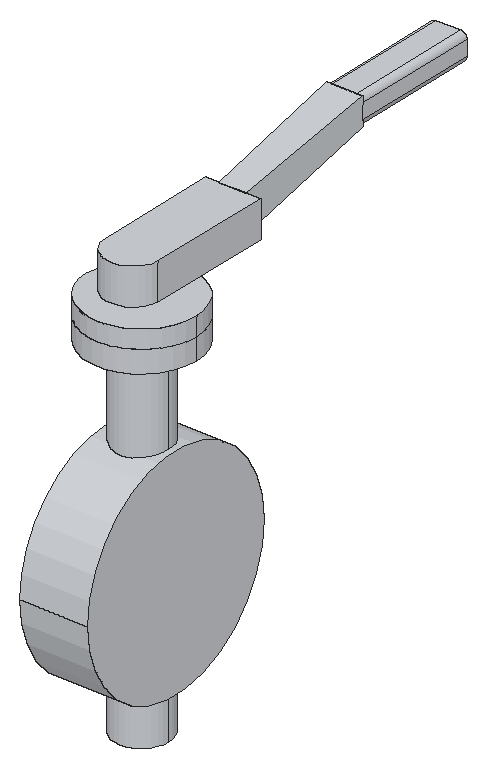
Revit family "HS497-68_disk-nerez_s pákou DN125-RFA_2018", category Pipe Accessories, Revit 2018
Family settings
  Round Connector Dimension = Use Diameter
  Part Type = Valve - Breaks Into
  Work Plane-Based = No
  Always vertical = Yes
  Cut with Voids When Loaded = No
  Shared = No
Parameters (values of type "HS 497-68_DN125_PN16_s pákou")
  magiProductId = "105993c79a91492399feef7931321a"
  magiProductFamilyId = "53cea81e6f374d17b8841d9c72ad77"
  magiPartTypeId = 305
  isMeasuringValve [instance] = no
  ang2D [instance] = 0.00°
  X11 = 61.456 mm
  X1 = 25.456 mm
  W2D = 1000 mm
  VersionID = "2.0/2017.9.26.1/ZETKAMA_497_001"
  Use Minimum Symbol Size [instance] = yes
  URL = "http://www.hydronic.cz"
  Type Comments = "mezipřírubová; nerezový disk; PN16; -10~+110°C (krátkodobě +120°C)"
  SW30 = no
  SW3 = no
  SW21 = no
  SW20 = yes
  SW2 = yes
  SW1 = no
  R = 62.5 mm
  QmdConnectorList = "301;D;302;D"
  Productdata [instance] = ""
  NC = 50 mm
  Manufacturer = "Hydronic Systems Prague s.r.o."
  MM20 = 25.456 mm
  MC Product Code = "121 125 (nerezový disk, s pákou; DN125; PN16, kvs872)"
  M41 = 66 mm
  M4 = 44 mm
  LHL = 315 mm
  LHH3 = 3.75 mm
  LHH1 = 71.25 mm
  LH1 = 105 mm
  L4R__ve = -L4R  # -12.8 mm
  L4R = 12.8 mm
  L42__ve = -L42  # -96 mm
  L42 = 96 mm
  L41__ve = -L41  # -19.2 mm
  L41 = 19.2 mm
  L2D_Min = 3048 mm
  L2D = 216 mm
  L2 = 28 mm
  L1 = 44.8 mm
  L = 56 mm
  H = 33 mm
  G22 = 11.25 mm
  G2 = 22.5 mm
  G1 = 90 mm
  G = 90 mm
  F = 14 mm
  E44 = 31.25 mm
  E42 = 62.5 mm
  E4 = 125 mm
  E23 = 7.5 mm
  E22 = 30 mm
  E21 = 15 mm
  Description = "Mezipřírubová uzavírací klapka s pákou; nerezový disk, DN125; PN16; kvs872"
  DR2 = 62.5 mm
  DR = 180 mm
  DD1 = 15.625 mm
  DD = 12.5 mm
  D = 125 mm
  CAT0 = yes
  B2__ve = -B2  # -64 mm
  B2 = 64 mm
  A2 = 18 mm
  A1 = 99.5 mm
Types (43, lengths in mm): name | magiProductId | X11 | X1 | Type Comments | SW30 | SW3 | SW20 | SW2 | SW1 | R | NC | Manufacturer | MM20 | MC Product Code | M41 | M4 | LHL | LHH3 | LHH1 | LH1 | L4R__ve | L4R | L42__ve | L42 | L41__ve | L41 | L2 | L1 | L | H | G | F | E44 | E42 | E4 | E23 | E22 | E21 | Description | DR2 | DR | DD1 | DD | D | B2__ve | B2 | A2 | A1
  HS 497-68_DN100_PN16_volné vřeteno | "65d1b245f4f142c78569c0602d5754" | 61.456 | 25.456 | "mezipřírubová; nerezový disk; PN16; -10~+110°C (krátkodobě +120°C)" | no | no | no | no | yes | 50 | 50 | "Hydronic Systems Prague s.r.o." | 25.456 | "124 100 (nerezový disk, s volným vřetenem; DN100; PN16, kvs512)" | 66 | 44 | 220 | 2.45 | 46.55 | 73.333 | -12.8 | 12.8 | -96 | 96 | -19.2 | 19.2 | 26 | 41.6 | 52 | 30 | 90 | 11 | 31.25 | 62.5 | 125 | 4.9 | 19.6 | 9.8 | "Mezipřírubová uzavírací klapka s volným vřetenem; nerezový disk, DN100; PN16; kvs512" | 50 | 147 | 15.625 | 12.5 | 100 | -56 | 56 | 16.5 | 98.5
  HS 497-68_DN100_PN16_převodové kolo | "11e91b807e674d428c8e796fcdcfe2" | 61.456 | 25.456 | "mezipřírubová; nerezový disk; PN16; -10~+110°C (krátkodobě +120°C)" | yes | yes | no | no | no | 50 | 50 | "Hydronic Systems Prague s.r.o." | 25.456 | "126 100 (nerezový disk, s převodovým kolem; DN100; PN16, kvs512)" | 65.25 | 43.5 | 220 | 2.45 | 46.55 | 73.333 | -12.8 | 12.8 | -96 | 96 | -19.2 | 19.2 | 26 | 41.6 | 52 | 30 | 90 | 11 | 31.25 | 62.5 | 125 | 4.9 | 19.6 | 9.8 | "Mezipřírubová uzavírací klapka s převodovým kolem; nerezový disk, DN100; PN16; kvs512" | 50 | 147 | 15.625 | 12.5 | 100 | -56 | 56 | 16.5 | 98.5
  HS 497-68_DN100_PN16_s pákou | "28172f0b3f4b47b28323ac71cf8749" | 61.456 | 25.456 | "mezipřírubová; nerezový disk; PN16; -10~+110°C (krátkodobě +120°C)" | no | no | yes | yes | no | 50 | 50 | "Hydronic Systems Prague s.r.o." | 25.456 | "121 100 (nerezový disk, s pákou; DN100; PN16, kvs512)" | 66 | 44 | 260 | 3 | 57 | 86.667 | -12.8 | 12.8 | -96 | 96 | -19.2 | 19.2 | 26 | 41.6 | 52 | 30 | 90 | 11 | 31.25 | 62.5 | 125 | 6 | 24 | 12 | "Mezipřírubová uzavírací klapka s pákou; nerezový disk, DN100; PN16; kvs512" | 50 | 147 | 15.625 | 12.5 | 100 | -56 | 56 | 16.5 | 98.5
  HS 497-68_DN125_PN16_volné vřeteno | "0d813d910fc14f628bb3c2efbd185c" | 61.456 | 25.456 | "mezipřírubová; nerezový disk; PN16; -10~+110°C (krátkodobě +120°C)" | no | no | no | no | yes | 62.5 | 50 | "Hydronic Systems Prague s.r.o." | 25.456 | "124 125 (nerezový disk, s volným vřetenem; DN125; PN16, kvs872)" | 66 | 44 | 220 | 2.45 | 46.55 | 73.333 | -12.8 | 12.8 | -96 | 96 | -19.2 | 19.2 | 28 | 44.8 | 56 | 33 | 90 | 14 | 31.25 | 62.5 | 125 | 4.9 | 19.6 | 9.8 | "Mezipřírubová uzavírací klapka s volným vřetenem; nerezový disk, DN125; PN16; kvs872" | 62.5 | 180 | 15.625 | 12.5 | 125 | -64 | 64 | 18 | 99.5
  HS 497-68_DN125_PN16_převodové kolo | "c56b7c13f372467684996fb1e0e229" | 61.456 | 25.456 | "mezipřírubová; nerezový disk; PN16; -10~+110°C (krátkodobě +120°C)" | yes | yes | no | no | no | 62.5 | 50 | "Hydronic Systems Prague s.r.o." | 25.456 | "126125 (nerezový disk, s převodovým kolem; DN125; PN16, kvs872)" | 65.25 | 43.5 | 220 | 2.45 | 46.55 | 73.333 | -13.5 | 13.5 | -101.25 | 101.25 | -20.25 | 20.25 | 28 | 44.8 | 56 | 33 | 90 | 14 | 40 | 80 | 160 | 4.9 | 19.6 | 9.8 | "Mezipřírubová uzavírací klapka s převodovým kolem; nerezový disk, DN125; PN16; kvs872" | 62.5 | 180 | 20 | 16 | 125 | -64 | 64 | 18 | 99.5
  HS 497-68_DN125_PN16_s pákou | "105993c79a91492399feef7931321a" | 61.456 | 25.456 | "mezipřírubová; nerezový disk; PN16; -10~+110°C (krátkodobě +120°C)" | no | no | yes | yes | no | 62.5 | 50 | "Hydronic Systems Prague s.r.o." | 25.456 | "121 125 (nerezový disk, s pákou; DN125; PN16, kvs872)" | 66 | 44 | 315 | 3.75 | 71.25 | 105 | -12.8 | 12.8 | -96 | 96 | -19.2 | 19.2 | 28 | 44.8 | 56 | 33 | 90 | 14 | 31.25 | 62.5 | 125 | 7.5 | 30 | 15 | "Mezipřírubová uzavírací klapka s pákou; nerezový disk, DN125; PN16; kvs872" | 62.5 | 180 | 15.625 | 12.5 | 125 | -64 | 64 | 18 | 99.5
  HS 497-68_DN150_PN16_volné vřeteno | "50c80cb8ab434f55ab7796e5ac1331" | 61.456 | 25.456 | "mezipřírubová; nerezový disk; PN16; -10~+110°C (krátkodobě +120°C)" | no | no | no | no | yes | 75 | 50 | "Hydronic Systems Prague s.r.o." | 25.456 | "124 150 (nerezový disk, s volným vřetenem; DN150; PN16, kvs1347)" | 66 | 44 | 220 | 2.45 | 46.55 | 73.333 | -12.8 | 12.8 | -96 | 96 | -19.2 | 19.2 | 28 | 44.8 | 56 | 33 | 90 | 14 | 31.25 | 62.5 | 125 | 4.9 | 19.6 | 9.8 | "Mezipřírubová uzavírací klapka s volným vřetenem; nerezový disk, DN150; PN16; kvs1347" | 75 | 206 | 15.625 | 12.5 | 150 | -58 | 58 | 19.3 | 98.7
  HS 497-68_DN150_PN16_převodové kolo | "d94a1a0cf83b476eb10011b327f709" | 61.456 | 25.456 | "mezipřírubová; nerezový disk; PN16; -10~+110°C (krátkodobě +120°C)" | yes | yes | no | no | no | 75 | 50 | "Hydronic Systems Prague s.r.o." | 25.456 | "126 150 (nerezový disk, s převodovým kolem; DN150; PN16, kvs1347)" | 65.25 | 43.5 | 220 | 2.45 | 46.55 | 73.333 | -13.5 | 13.5 | -101.25 | 101.25 | -20.25 | 20.25 | 28 | 44.8 | 56 | 33 | 90 | 14 | 40 | 80 | 160 | 4.9 | 19.6 | 9.8 | "Mezipřírubová uzavírací klapka s převodovým kolem; nerezový disk, DN150; PN16; kvs1347" | 75 | 206 | 20 | 16 | 150 | -58 | 58 | 19.3 | 98.7
  HS 497-68_DN150_PN16_s pákou | "4d2835523fe84828bc50ff0a5a0dfb" | 61.456 | 25.456 | "mezipřírubová; nerezový disk; PN16; -10~+110°C (krátkodobě +120°C)" | no | no | yes | yes | no | 75 | 50 | "Hydronic Systems Prague s.r.o." | 25.456 | "121 150 (nerezový disk, s pákou; DN150; PN16, kvs1347)" | 66 | 44 | 315 | 3.75 | 71.25 | 105 | -12.8 | 12.8 | -96 | 96 | -19.2 | 19.2 | 28 | 44.8 | 56 | 33 | 90 | 14 | 31.25 | 62.5 | 125 | 7.5 | 30 | 15 | "Mezipřírubová uzavírací klapka s pákou; nerezový disk, DN150; PN16; kvs1347" | 75 | 206 | 15.625 | 12.5 | 150 | -58 | 58 | 19.3 | 98.7
  HS 497-68_DN200_PN16_volné vřeteno | "5b29029eaeba47139ee1055a4b9201" | 61.456 | 25.456 | "mezipřírubová; nerezový disk; PN16; -10~+110°C (krátkodobě +120°C)" | no | no | no | no | yes | 100 | 50 | "Hydronic Systems Prague s.r.o." | 25.456 | "124 200 (nerezový disk, s volným vřetenem; DN200; PN16, kvs2675)" | 66 | 44 | 220 | 2.45 | 46.55 | 73.333 | -12.8 | 12.8 | -96 | 96 | -19.2 | 19.2 | 30 | 48 | 60 | 33 | 90 | 17 | 31.25 | 62.5 | 125 | 4.9 | 19.6 | 9.8 | "Mezipřírubová uzavírací klapka s volným vřetenem; nerezový disk, DN200; PN16; kvs2675" | 100 | 257 | 15.625 | 12.5 | 200 | -70 | 70 | 22.5 | 102.5
  HS 497-68_DN200_PN16_převodové kolo | "b2793cc1fcc44cf2a35062cd67c04f" | 61.456 | 25.456 | "mezipřírubová; nerezový disk; PN16; -10~+110°C (krátkodobě +120°C)" | yes | yes | no | no | no | 100 | 57 | "Hydronic Systems Prague s.r.o." | 25.456 | "126 200 (nerezový disk, s převodovým kolem; DN200; PN16, kvs2675)" | 78.75 | 52.5 | 220 | 2.45 | 46.55 | 73.333 | -15.2 | 15.2 | -114 | 114 | -22.8 | 22.8 | 30 | 48 | 60 | 33 | 90 | 17 | 50 | 100 | 200 | 4.9 | 19.6 | 9.8 | "Mezipřírubová uzavírací klapka s převodovým kolem; nerezový disk, DN200; PN16; kvs2675" | 100 | 257 | 25 | 20 | 200 | -70 | 70 | 22.5 | 102.5
  HS 497-68_DN200_PN16_s pákou | "f88d96c7af224537a51e72d7d8fffe" | 61.456 | 25.456 | "mezipřírubová; nerezový disk; PN16; -10~+110°C (krátkodobě +120°C)" | no | no | yes | yes | no | 100 | 50 | "Hydronic Systems Prague s.r.o." | 25.456 | "121 200 (nerezový disk, s pákou; DN200; PN16, kvs2675)" | 66 | 44 | 315 | 3.75 | 71.25 | 105 | -12.8 | 12.8 | -96 | 96 | -19.2 | 19.2 | 30 | 48 | 60 | 33 | 90 | 17 | 31.25 | 62.5 | 125 | 7.5 | 30 | 15 | "Mezipřírubová uzavírací klapka s pákou; nerezový disk, DN200; PN16; kvs2675" | 100 | 257 | 15.625 | 12.5 | 200 | -70 | 70 | 22.5 | 102.5
  HS 497-68_DN250_PN16_volné vřeteno | "b662e8305ca2402b9c510e66e6aa55" | 88.77 | 36.77 | "mezipřírubová; nerezový disk; PN16; -10~+110°C (krátkodobě +120°C)" | no | no | no | no | yes | 125 | 50 | "Hydronic Systems Prague s.r.o." | 36.77 | "124 250 (nerezový disk, s volným vřetenem; DN250; PN16, kvs4555)" | 66 | 44 | 220 | 2.45 | 46.55 | 73.333 | -12.8 | 12.8 | -96 | 96 | -19.2 | 19.2 | 34 | 54.4 | 68 | 23 | 130 | 22 | 31.25 | 62.5 | 125 | 4.9 | 19.6 | 9.8 | "Mezipřírubová uzavírací klapka s volným vřetenem; nerezový disk, DN250; PN16; kvs4555" | 125 | 324 | 15.625 | 12.5 | 250 | -85 | 85 | 28.25 | 129.25
  HS 497-68_DN250_PN16_převodové kolo | "5ee9016806664ddfaa2632711f295c" | 88.77 | 36.77 | "mezipřírubová; nerezový disk; PN16; -10~+110°C (krátkodobě +120°C)" | yes | yes | no | no | no | 125 | 70 | "Hydronic Systems Prague s.r.o." | 36.77 | "126 250 (nerezový disk, s převodovým kolem; DN250; PN16, kvs4555)" | 91.5 | 61 | 220 | 2.45 | 46.55 | 73.333 | -22.2 | 22.2 | -166.5 | 166.5 | -33.3 | 33.3 | 34 | 54.4 | 68 | 23 | 130 | 22 | 62.5 | 125 | 250 | 4.9 | 19.6 | 9.8 | "Mezipřírubová uzavírací klapka s převodovým kolem; nerezový disk, DN250; PN16; kvs4555" | 125 | 324 | 31.25 | 25 | 250 | -85 | 85 | 28.25 | 129.25
  HS 497-68_DN300_PN16_volné vřeteno | "e1886f51ff004380a649519258edf2" | 88.77 | 36.77 | "mezipřírubová; nerezový disk; PN16; -10~+110°C (krátkodobě +120°C)" | no | no | no | no | yes | 150 | 50 | "Hydronic Systems Prague s.r.o." | 36.77 | "124 300 (nerezový disk, s volným vřetenem; DN300; PN16, kvs7037)" | 66 | 44 | 220 | 2.45 | 46.55 | 73.333 | -12.8 | 12.8 | -96 | 96 | -19.2 | 19.2 | 39 | 62.4 | 78 | 23 | 130 | 22 | 31.25 | 62.5 | 125 | 4.9 | 19.6 | 9.8 | "Mezipřírubová uzavírací klapka s volným vřetenem; nerezový disk, DN300; PN16; kvs7037" | 150 | 376 | 15.625 | 12.5 | 300 | -90 | 90 | 30.8 | 127.2
  HS 497-68_DN300_PN16_převodové kolo | "6860f094f77d42088fbebc3c97f755" | 88.77 | 36.77 | "mezipřírubová; nerezový disk; PN16; -10~+110°C (krátkodobě +120°C)" | yes | yes | no | no | no | 150 | 70 | "Hydronic Systems Prague s.r.o." | 36.77 | "126 300 (nerezový disk, s převodovým kolem; DN300; PN16, kvs7037)" | 91.5 | 61 | 220 | 2.45 | 46.55 | 73.333 | -22.2 | 22.2 | -166.5 | 166.5 | -33.3 | 33.3 | 39 | 62.4 | 78 | 23 | 130 | 22 | 62.5 | 125 | 250 | 4.9 | 19.6 | 9.8 | "Mezipřírubová uzavírací klapka s převodovým kolem; nerezový disk, DN300; PN16; kvs7037" | 150 | 376 | 31.25 | 25 | 300 | -90 | 90 | 30.8 | 127.2
  HS 497-68_DN032_PN16_volné vřeteno | "8c5f65de52aa4067a77564107e31b2" | 61.456 | 25.456 | "mezipřírubová; nerezový disk; PN16; -10~+110°C (krátkodobě +120°C)" | no | no | no | no | yes | 16 | 50 | "Hydronic Systems Prague s.r.o." | 25.456 | "124 032 (nerezový disk, s volným vřetenem; DN32; PN16, kvs78)" | 66 | 44 | 220 | 2.45 | 46.55 | 73.333 | -12.8 | 12.8 | -96 | 96 | -19.2 | 19.2 | 16.5 | 26.4 | 33 | 30 | 90 | 11 | 31.25 | 62.5 | 125 | 4.9 | 19.6 | 9.8 | "Mezipřírubová uzavírací klapka s volným vřetenem; nerezový disk, DN32; PN16; kvs78" | 16 | 68 | 15.625 | 12.5 | 32 | -44.2 | 44.2 | 10.25 | 76.25
  HS 497-68_DN032_PN16_převodové kolo | "60aaeffa8b3a4e809ef000e4660060" | 61.456 | 25.456 | "mezipřírubová; nerezový disk; PN16; -10~+110°C (krátkodobě +120°C)" | yes | yes | no | no | no | 16 | 50 | "Hydronic Systems Prague s.r.o." | 25.456 | "126 032 (nerezový disk, s převodovým kolem; DN32; PN16, kvs78)" | 65.25 | 43.5 | 220 | 2.45 | 46.55 | 73.333 | -12.8 | 12.8 | -96 | 96 | -19.2 | 19.2 | 16.5 | 26.4 | 33 | 30 | 90 | 11 | 31.25 | 62.5 | 125 | 4.9 | 19.6 | 9.8 | "Mezipřírubová uzavírací klapka s převodovým kolem; nerezový disk, DN32; PN16; kvs78" | 16 | 68 | 15.625 | 12.5 | 32 | -44.2 | 44.2 | 10.25 | 76.25
  HS 497-68_DN032_PN16_s pákou | "9ad8088d610749a1b871aa2aad8007" | 61.456 | 25.456 | "mezipřírubová; nerezový disk; PN16; -10~+110°C (krátkodobě +120°C)" | no | no | yes | yes | no | 16 | 50 | "Hydronic Systems Prague s.r.o." | 25.456 | "121 032 (nerezový disk, s pákou; DN32; PN16, kvs78)" | 66 | 44 | 220 | 2.45 | 46.55 | 73.333 | -12.8 | 12.8 | -96 | 96 | -19.2 | 19.2 | 16.5 | 26.4 | 33 | 30 | 90 | 11 | 31.25 | 62.5 | 125 | 4.9 | 19.6 | 9.8 | "Mezipřírubová uzavírací klapka s pákou; nerezový disk, DN32; PN16; kvs78" | 16 | 68 | 15.625 | 12.5 | 32 | -44.2 | 44.2 | 10.25 | 76.25
  HS 497-68_DN350_PN10_volné vřeteno | "72a1e05f22944421b7e9596a877137" | 109.255 | 45.255 | "mezipřírubová; nerezový disk; PN10; -10~+110°C (krátkodobě +120°C)" | no | no | no | no | yes | 175 | 50 | "Hydronic Systems Prague s.r.o." | 45.255 | "124 350 (nerezový disk, s volným vřetenem; DN350; PN10, kvs10165)" | 66 | 44 | 220 | 2.45 | 46.55 | 73.333 | -12.8 | 12.8 | -96 | 96 | -19.2 | 19.2 | 39 | 62.4 | 78 | 31 | 160 | 22 | 31.25 | 62.5 | 125 | 4.9 | 19.6 | 9.8 | "Mezipřírubová uzavírací klapka s volným vřetenem; nerezový disk, DN350; PN10; kvs10165" | 175 | 430 | 15.625 | 12.5 | 350 | -88 | 88 | 33.85 | 129.65
  HS 497-68_DN350_PN10_převodové kolo | "a5a01426cb28494ba3afca92f1dace" | 109.255 | 45.255 | "mezipřírubová; nerezový disk; PN10; -10~+110°C (krátkodobě +120°C)" | yes | yes | no | no | no | 175 | 70 | "Hydronic Systems Prague s.r.o." | 45.255 | "126 350 (nerezový disk, s převodovým kolem; DN350; PN10, kvs10165)" | 91.5 | 61 | 220 | 2.45 | 46.55 | 73.333 | -22.2 | 22.2 | -166.5 | 166.5 | -33.3 | 33.3 | 39 | 62.4 | 78 | 31 | 160 | 22 | 62.5 | 125 | 250 | 4.9 | 19.6 | 9.8 | "Mezipřírubová uzavírací klapka s převodovým kolem; nerezový disk, DN350; PN10; kvs10165" | 175 | 430 | 31.25 | 25 | 350 | -88 | 88 | 33.85 | 129.65
  HS 497-68_DN400_PN10_volné vřeteno | "c70ebeb927c04ab99b176e257ad0a7" | 109.255 | 45.255 | "mezipřírubová; nerezový disk; PN10; -10~+110°C (krátkodobě +120°C)" | no | no | no | no | yes | 200 | 50 | "Hydronic Systems Prague s.r.o." | 45.255 | "124 400 (nerezový disk, s volným vřetenem; DN400; PN10, kvs13799)" | 66 | 44 | 220 | 2.45 | 46.55 | 73.333 | -12.8 | 12.8 | -96 | 96 | -19.2 | 19.2 | 51 | 81.6 | 102 | 31 | 160 | 27 | 31.25 | 62.5 | 125 | 4.9 | 19.6 | 9.8 | "Mezipřírubová uzavírací klapka s volným vřetenem; nerezový disk, DN400; PN10; kvs13799" | 200 | 485 | 15.625 | 12.5 | 400 | -108 | 108 | 38 | 142
  HS 497-68_DN400_PN10_převodové kolo | "cc64a4384dcb41b780d81810f4f293" | 109.255 | 45.255 | "mezipřírubová; nerezový disk; PN10; -10~+110°C (krátkodobě +120°C)" | yes | yes | no | no | no | 200 | 72.5 | "Hydronic Systems Prague s.r.o." | 45.255 | "126 400 (nerezový disk, s převodovým kolem; DN400; PN10, kvs13799)" | 103.5 | 69 | 220 | 2.45 | 46.55 | 73.333 | -27.8 | 27.8 | -208.5 | 208.5 | -41.7 | 41.7 | 51 | 81.6 | 102 | 31 | 160 | 27 | 75 | 150 | 300 | 4.9 | 19.6 | 9.8 | "Mezipřírubová uzavírací klapka s převodovým kolem; nerezový disk, DN400; PN10; kvs13799" | 200 | 485 | 37.5 | 30 | 400 | -108 | 108 | 38 | 142
  HS 497-68_DN040_PN16_volné vřeteno | "35f92312390745e88df5b5c325d9ee" | 61.456 | 25.456 | "mezipřírubová; nerezový disk; PN16; -10~+110°C (krátkodobě +120°C)" | no | no | no | no | yes | 20 | 50 | "Hydronic Systems Prague s.r.o." | 25.456 | "124 040 (nerezový disk, s volným vřetenem; DN40; PN16, kvs78)" | 66 | 44 | 220 | 2.45 | 46.55 | 73.333 | -12.8 | 12.8 | -96 | 96 | -19.2 | 19.2 | 16.5 | 26.4 | 33 | 30 | 90 | 11 | 31.25 | 62.5 | 125 | 4.9 | 19.6 | 9.8 | "Mezipřírubová uzavírací klapka s volným vřetenem; nerezový disk, DN40; PN16; kvs78" | 20 | 76 | 15.625 | 12.5 | 40 | -36 | 36 | 11 | 79
  HS 497-68_DN040_PN16_převodové kolo | "d88e968eae3445bc9b7b4e6ff35127" | 61.456 | 25.456 | "mezipřírubová; nerezový disk; PN16; -10~+110°C (krátkodobě +120°C)" | yes | yes | no | no | no | 20 | 50 | "Hydronic Systems Prague s.r.o." | 25.456 | "126 040 (nerezový disk, s převodovým kolem; DN40; PN16, kvs78)" | 65.25 | 43.5 | 220 | 2.45 | 46.55 | 73.333 | -12.8 | 12.8 | -96 | 96 | -19.2 | 19.2 | 16.5 | 26.4 | 33 | 30 | 90 | 11 | 31.25 | 62.5 | 125 | 4.9 | 19.6 | 9.8 | "Mezipřírubová uzavírací klapka s převodovým kolem; nerezový disk, DN40; PN16; kvs78" | 20 | 76 | 15.625 | 12.5 | 40 | -36 | 36 | 11 | 79
  HS 497-68_DN040_PN16_s pákou | "c1b522ca65b4407a98818f232eaacb" | 61.456 | 25.456 | "mezipřírubová; nerezový disk; PN16; -10~+110°C (krátkodobě +120°C)" | no | no | yes | yes | no | 20 | 50 | "Hydronic Systems Prague s.r.o." | 25.456 | "121 040 (nerezový disk, s pákou; DN40; PN16, kvs78)" | 66 | 44 | 220 | 2.45 | 46.55 | 73.333 | -12.8 | 12.8 | -96 | 96 | -19.2 | 19.2 | 16.5 | 26.4 | 33 | 30 | 90 | 11 | 31.25 | 62.5 | 125 | 4.9 | 19.6 | 9.8 | "Mezipřírubová uzavírací klapka s pákou; nerezový disk, DN40; PN16; kvs78" | 20 | 76 | 15.625 | 12.5 | 40 | -36 | 36 | 11 | 79
  HS 497-68_DN450_PN10_volné vřeteno | "a8358bc282f14872b3194e530e590a" | 129.74 | 53.74 | "mezipřírubová; nerezový disk; PN10; -10~+110°C (krátkodobě +120°C)" | no | no | no | no | yes | 225 | 50 | "Hydronic Systems Prague s.r.o." | 53.74 | "124 450 (nerezový disk, s volným vřetenem; DN450; PN10, kvs18514)" | 66 | 44 | 220 | 2.45 | 46.55 | 73.333 | -12.8 | 12.8 | -96 | 96 | -19.2 | 19.2 | 57 | 91.2 | 114 | 38 | 190 | 36 | 31.25 | 62.5 | 125 | 4.9 | 19.6 | 9.8 | "Mezipřírubová uzavírací klapka s volným vřetenem; nerezový, DN450; PN10; kvs18514" | 225 | 536 | 15.625 | 12.5 | 450 | -115 | 115 | 38.05 | 117.45
  HS 497-68_DN450_PN10_převodové kolo | "cdf2d80f54a9414f9cbe50647c0ebd" | 129.74 | 53.74 | "mezipřírubová; nerezový disk; PN10; -10~+110°C (krátkodobě +120°C)" | yes | yes | no | no | no | 225 | 91.5 | "Zetkama" | 53.74 | "126 450 (nerezový disk, s převodovým kolem; DN450; PN10, kvs18514)" | 144.75 | 96.5 | 220 | 2.45 | 46.55 | 73.333 | -32.1 | 32.1 | -240.75 | 240.75 | -48.15 | 48.15 | 57 | 91.2 | 114 | 38 | 190 | 36 | 100 | 200 | 400 | 4.9 | 19.6 | 9.8 | "Mezipřírubová uzavírací klapka s převodovým kolem; nerezový disk, DN450; PN10; kvs18514" | 225 | 536 | 50 | 40 | 450 | -115 | 115 | 38.05 | 117.45
  HS 497-68_DN500_PN10_volné vřeteno | "8c396e27bb2743f98f3c762b6517cd" | 143.397 | 59.397 | "mezipřírubová; nerezový disk; PN10; -10~+110°C (krátkodobě +120°C)" | no | no | no | no | yes | 250 | 50 | "Hydronic Systems Prague s.r.o." | 59.397 | "124 500 (nerezový disk, s volným vřetenem; DN500; PN10, kvs23805)" | 66 | 44 | 220 | 2.45 | 46.55 | 73.333 | -12.8 | 12.8 | -96 | 96 | -19.2 | 19.2 | 63.5 | 101.6 | 127 | 38 | 210 | 36 | 31.25 | 62.5 | 125 | 4.9 | 19.6 | 9.8 | "Mezipřírubová uzavírací klapka s volným vřetenem; nerezový disk, DN500; PN10; kvs23805" | 250 | 593 | 15.625 | 12.5 | 500 | -130 | 130 | 43.25 | 139.25
  HS 497-68_DN500_PN10_převodové kolo | "7647804f32e94cef828a7034a91a46" | 143.397 | 59.397 | "mezipřírubová; nerezový disk; PN10; -10~+110°C (krátkodobě +120°C)" | yes | yes | no | no | no | 250 | 91.5 | "Zetkama" | 59.397 | "126 500 (nerezový disk, s převodovým kolem; DN500; PN10, kvs23805)" | 144.75 | 96.5 | 220 | 2.45 | 46.55 | 73.333 | -32.1 | 32.1 | -240.75 | 240.75 | -48.15 | 48.15 | 63.5 | 101.6 | 127 | 38 | 210 | 36 | 100 | 200 | 400 | 4.9 | 19.6 | 9.8 | "Mezipřírubová uzavírací klapka s převodovým kolem; nerezový disk, DN500; PN10; kvs23805" | 250 | 593 | 50 | 40 | 500 | -130 | 130 | 43.25 | 139.25
  HS 497-68_DN050_volné vřeteno | "d71f296ecd6d4adf8f6e5d9853b4e0" | 61.456 | 25.456 | "mezipřírubová; nerezový disk; PN16; -10~+110°C (krátkodobě +120°C)" | no | no | no | no | yes | 25 | 50 | "Hydronic Systems Prague s.r.o." | 25.456 | "124 050 (nerezový disk, s volným vřetenem; DN50; PN16, kvs98)" | 66 | 44 | 220 | 2.45 | 46.55 | 73.333 | -12.8 | 12.8 | -96 | 96 | -19.2 | 19.2 | 21.5 | 34.4 | 43 | 30 | 90 | 11 | 31.25 | 62.5 | 125 | 4.9 | 19.6 | 9.8 | "Mezipřírubová uzavírací klapka s volným vřetenem; nerezový disk, DN50; PN16; kvs98" | 25 | 100 | 15.625 | 12.5 | 50 | -36.5 | 36.5 | 12 | 83
  HS 497-68_DN050_PN16_převodové kolo | "2fb080deeaed49c58418b94c1da5a4" | 61.456 | 25.456 | "mezipřírubová; nerezový disk; PN16; -10~+110°C (krátkodobě +120°C)" | yes | yes | no | no | no | 25 | 50 | "Hydronic Systems Prague s.r.o." | 25.456 | "126 050 (nerezový disk, s převodovým kolem; DN50; PN16, kvs98)" | 65.25 | 43.5 | 220 | 2.45 | 46.55 | 73.333 | -12.8 | 12.8 | -96 | 96 | -19.2 | 19.2 | 21.5 | 34.4 | 43 | 30 | 90 | 11 | 31.25 | 62.5 | 125 | 4.9 | 19.6 | 9.8 | "Mezipřírubová uzavírací klapka s převodovým kolem; nerezový disk, DN50; PN16; kvs98" | 25 | 100 | 15.625 | 12.5 | 50 | -36.5 | 36.5 | 12 | 83
  HS 497-68_DN050_PN16_s pákou | "dabc632061f94877a994b9b4e68112" | 61.456 | 25.456 | "mezipřírubová; nerezový disk; PN16; -10~+110°C (krátkodobě +120°C)" | no | no | yes | yes | no | 25 | 50 | "Hydronic Systems Prague s.r.o." | 25.456 | "121 050 (nerezový disk, s pákou; DN50; PN16, kvs98)" | 66 | 44 | 220 | 2.45 | 46.55 | 73.333 | -12.8 | 12.8 | -96 | 96 | -19.2 | 19.2 | 21.5 | 34.4 | 43 | 30 | 90 | 11 | 31.25 | 62.5 | 125 | 4.9 | 19.6 | 9.8 | "Mezipřírubová uzavírací klapka s pákou; nerezový disk, DN50; PN16; kvs98" | 25 | 100 | 15.625 | 12.5 | 50 | -36.5 | 36.5 | 12 | 83
  HS 497-68_DN600_PN10_volné vřeteno | "99d5892c14664fce81a7c5903f7711" | 143.397 | 59.397 | "mezipřírubová; nerezový disk; PN10; -10~+110°C (krátkodobě +120°C)" | no | no | no | no | yes | 300 | 50 | "Hydronic Systems Prague s.r.o." | 59.397 | "124 600 (nerezový disk, s volným vřetenem; DN600; PN10, kvs36778)" | 66 | 44 | 220 | 2.45 | 46.55 | 73.333 | -12.8 | 12.8 | -96 | 96 | -19.2 | 19.2 | 77 | 123.2 | 154 | 80 | 210 | 60 | 31.25 | 62.5 | 125 | 4.9 | 19.6 | 9.8 | "Mezipřírubová uzavírací klapka s volným vřetenem; nerezový disk, DN600; PN10; kvs36788" | 300 | 690 | 15.625 | 12.5 | 600 | -140 | 140 | 49.4 | 144.6
  HS 497-68_DN600_PN10_převodové kolo | "b1e26faab48a4c499f6bb11e7e3002" | 143.397 | 59.397 | "mezipřírubová; lnerezový disk; PN10; -10~+110°C (krátkodobě +120°C)" | yes | yes | no | no | no | 300 | 140 | "Hydronic Systems Prague s.r.o." | 59.397 | "126 600 (nerezový disk, s převodovým kolem; DN600; PN10, kvs36778)" | 206.25 | 137.5 | 220 | 2.45 | 46.55 | 73.333 | -40.8 | 40.8 | -306 | 306 | -61.2 | 61.2 | 77 | 123.2 | 154 | 80 | 210 | 60 | 125 | 250 | 500 | 4.9 | 19.6 | 9.8 | "Mezipřírubová uzavírací klapka s převodovým kolem; nerezový disk, DN600; PN10; kvs36788" | 300 | 690 | 62.5 | 50 | 600 | -140 | 140 | 49.4 | 144.6
  HS 497-68_DN065_PN16_volné vřeteno | "5e5e208646e34ec29f889baab5d08e" | 61.456 | 25.456 | "mezipřírubová; lnerezový disk; PN16; -10~+110°C (krátkodobě +120°C)" | no | no | no | no | yes | 32.5 | 50 | "Hydronic Systems Prague s.r.o." | 25.456 | "124 065 (nerezový disk, s volným vřetenem; DN65; PN16, kvs167)" | 66 | 44 | 220 | 2.45 | 46.55 | 73.333 | -12.8 | 12.8 | -96 | 96 | -19.2 | 19.2 | 23 | 36.8 | 46 | 30 | 90 | 11 | 31.25 | 62.5 | 125 | 4.9 | 19.6 | 9.8 | "Mezipřírubová uzavírací klapka s volným vřetenem; nerezový disk, DN65; PN16; kv167" | 32.5 | 108 | 15.625 | 12.5 | 65 | -36.5 | 36.5 | 13.5 | 89
  HS 497-68_DN065_PN16_převodové kolo | "654d74c8d15540b0bfe523d988ccb3" | 61.456 | 25.456 | "mezipřírubová; nerezový disk; PN16; -10~+110°C (krátkodobě +120°C)" | yes | yes | no | no | no | 32.5 | 50 | "Hydronic Systems Prague s.r.o." | 25.456 | "126 065 (nerezový disk, s převodovým kolem; DN65; PN16, kvs167)" | 65.25 | 43.5 | 220 | 2.45 | 46.55 | 73.333 | -12.8 | 12.8 | -96 | 96 | -19.2 | 19.2 | 23 | 36.8 | 46 | 30 | 90 | 11 | 31.25 | 62.5 | 125 | 4.9 | 19.6 | 9.8 | "Mezipřírubová uzavírací klapka s převodovým kolem; nerezový disk, DN65; PN16; kvs167" | 32.5 | 108 | 15.625 | 12.5 | 65 | -36.5 | 36.5 | 13.5 | 89
  HS 497-68_DN065_PN16_s pákou | "ebeb4b59db0641caaf6d6635ab37b9" | 61.456 | 25.456 | "mezipřírubová; nerezový disk; PN16; -10~+110°C (krátkodobě +120°C)" | no | no | yes | yes | no | 32.5 | 50 | "Hydronic Systems Prague s.r.o." | 25.456 | "121 065 (nerezový disk, s pákou; DN65; PN16, kvs167)" | 66 | 44 | 220 | 2.45 | 46.55 | 73.333 | -12.8 | 12.8 | -96 | 96 | -19.2 | 19.2 | 23 | 36.8 | 46 | 30 | 90 | 11 | 31.25 | 62.5 | 125 | 4.9 | 19.6 | 9.8 | "Mezipřírubová uzavírací klapka s pákou; nerezový disk, DN65; PN16; kvs167" | 32.5 | 108 | 15.625 | 12.5 | 65 | -36.5 | 36.5 | 13.5 | 89
  HS 497-68_DN080_PN16_volné vřeteno | "9e85c75c18654e1185a9c48ed6b00e" | 61.456 | 25.456 | "mezipřírubová; nerezový disk; PN16; -10~+110°C (krátkodobě +120°C)" | no | no | no | no | yes | 40 | 50 | "Hydronic Systems Prague s.r.o." | 25.456 | "124 080 (nerezový disk, s volným vřetenem; DN80; PN16, kvs258)" | 66 | 44 | 220 | 2.45 | 46.55 | 73.333 | -12.8 | 12.8 | -96 | 96 | -19.2 | 19.2 | 23 | 36.8 | 46 | 30 | 90 | 11 | 31.25 | 62.5 | 125 | 4.9 | 19.6 | 9.8 | "Mezipřírubová uzavírací klapka s volným vřetenem; nerezový disk, DN80; PN16; kvs258" | 40 | 124 | 15.625 | 12.5 | 80 | -54 | 54 | 14.1 | 86.9
  HS 497-68_DN080_PN16_převodové kolo | "5b3c8238c3d041e68c75b199e7ea46" | 61.456 | 25.456 | "mezipřírubová; nerezový disk; PN16; -10~+110°C (krátkodobě +120°C)" | yes | yes | no | no | no | 40 | 50 | "Hydronic Systems Prague s.r.o." | 25.456 | "126 080 (nerezový disk, s převodovým kolem; DN80; PN16, kvs258)" | 65.25 | 43.5 | 220 | 2.45 | 46.55 | 73.333 | -12.8 | 12.8 | -96 | 96 | -19.2 | 19.2 | 23 | 36.8 | 46 | 30 | 90 | 11 | 31.25 | 62.5 | 125 | 4.9 | 19.6 | 9.8 | "Mezipřírubová uzavírací klapka s převodovým kolem; nerezový disk, DN80; PN16; kvs258" | 40 | 124 | 15.625 | 12.5 | 80 | -54 | 54 | 14.1 | 86.9
  HS 497-68_DN080_PN16_s pákou | "e414795fab0f4eccb99bc3572c5477" | 61.456 | 25.456 | "mezipřírubová; nerezový disk; PN16; -10~+110°C (krátkodobě +120°C)" | no | no | yes | yes | no | 40 | 50 | "Hydronic Systems Prague s.r.o." | 25.456 | "121 080 (nerezový disk, s pákou; DN80; PN16, kvs258)" | 66 | 44 | 260 | 3 | 57 | 86.667 | -12.8 | 12.8 | -96 | 96 | -19.2 | 19.2 | 23 | 36.8 | 46 | 30 | 90 | 11 | 31.25 | 62.5 | 125 | 6 | 24 | 12 | "Mezipřírubová uzavírací klapka s pákou; nerezový disk, DN80; PN16; kvs258" | 40 | 124 | 15.625 | 12.5 | 80 | -54 | 54 | 14.1 | 86.9
  HS 497-68_DN250_PN16_s pákou | "" | 88.77 | 36.77 | "mezipřírubová; nerezový disk; PN16; -10~+110°C (krátkodobě +120°C)" | no | no | yes | yes | no | 125 | 70 | "Hydronic Systems Prague s.r.o." | 36.77 | "121 250 (nerezový disk, s ákou; DN250; PN16, kvs4555)" | 91.5 | 61 | 220 | 2.45 | 46.55 | 73.333 | -22.2 | 22.2 | -166.5 | 166.5 | -33.3 | 33.3 | 34 | 54.4 | 68 | 23 | 130 | 22 | 62.5 | 125 | 250 | 4.9 | 19.6 | 9.8 | "Mezipřírubová uzavírací klapka s pákou; nerezový disk, DN250; PN16; kvs4555" | 125 | 324 | 31.25 | 25 | 250 | -85 | 85 | 28.25 | 129.25
  HS 497-68_DN300_PN16_s pákou | "" | 88.77 | 36.77 | "mezipřírubová; nerezový disk; PN16; -10~+110°C (krátkodobě +120°C)" | no | no | yes | yes | no | 150 | 70 | "Hydronic Systems Prague s.r.o." | 36.77 | "121 300 (nerezový disk, s pákou; DN300; PN16, kvs7037)" | 91.5 | 61 | 220 | 2.45 | 46.55 | 73.333 | -22.2 | 22.2 | -166.5 | 166.5 | -33.3 | 33.3 | 39 | 62.4 | 78 | 23 | 130 | 22 | 62.5 | 125 | 250 | 4.9 | 19.6 | 9.8 | "Mezipřírubová uzavírací klapka s pákou; nerezový disk, DN300; PN16; kvs7037" | 150 | 376 | 31.25 | 25 | 300 | -90 | 90 | 30.8 | 127.2
Reference planes
  plane 1 "Center (Front/Back)": y = 0
  plane 2 "XYPLANE": z = 0
  plane 3 "Center (Left/Right)": x = 0
  plane 4 "473": x = -25.456
  plane 5 "472": x = -66
  plane 6 "471": y = -25.456
  plane 7 "470": y = 25.456
  plane 8 "469": x = -44
  plane 9 "468": y = -115.2
  plane 10 "467": y = -96
  plane 11 "466": z = 211.25
  plane 12 "465": z = 251.25
  plane 13 "464": y = 208.75
  plane 14 "463": z = 236.25
  plane 15 "462": z = 210
  plane 16 "461": z = 225
  plane 17 "460": y = 103.75
  plane 18 "459": x = -11.25
  plane 19 "458": x = 11.25
  plane 20 "457": y = -6.25
  plane 21 "456": x = -17.5
  plane 22 "455": x = 17.5
  plane 23 "454": z = 232.5
  plane 24 "453": y = 93.75
  plane 25 "452": y = -11.25
  plane 26 "451": x = -22.5
  plane 27 "450": x = 22.5
  plane 28 "449": z = 202.5
  plane 29 "448": z = 195
  plane 30 "447": z = -62.5
  plane 31 "446": z = 180
  plane 32 "445": z = 162
  plane 33 "444": z = 62.5
  plane 34 "443": x = 28
  plane 35 "442": x = -28
  plane 36 "441": z = 0
  plane 37 "440": y = 0
  plane 38 "439": x = 0
  plane 39 "438": z = 255
  plane 40 "437": z = 232.5
  plane 41 "436": x = 15
  plane 42 "435": x = -15
  plane 43 "434": y = 315
Forms (mm)
  Extrusion 1, solid, visible <- "SW3"
    sketch origin (-750, 0, 180) x (1, 0, 0) y (0, 1, 0)
      loop
        line (684, 25.456) -> (684, -25.456) -> (724.544, -25.456)
        arc (724.544, -25.456) -> (786, 0) -> (724.544, 25.456) r 36
        line (724.544, 25.456) -> (684, 25.456)
    from 0 to 62.5 <- "E42"
  Extrusion 2, solid, visible <- "SW30"
    sketch origin (0, -750, 0) x (0, 1, 0) y (0, 0, 1)
      loop
        circle (750, 211.25) r 7.813
    from 0 to 50 <- "NC"
  Extrusion 3, solid, visible <- "SW30"
    sketch origin (750, -115.2, 0) x (-1, 0, 0) y (0, 0, 1)
      loop
        circle (794, 211.25) r 62.5
    from 0 to -12.8 <- "L4R__ve"
  Extrusion 4, solid, visible <- "SW3"
    sketch origin (750, -96, 0) x (-1, 0, 0) y (0, 0, 1)
      loop
        circle (794, 211.25) r 7.813
    from 0 to -19.2 <- "L41__ve"
  Extrusion 5, solid, visible <- "SW30"
    sketch origin (750, 0, 0) x (-1, 0, 0) y (0, 0, 1)
      loop
        circle (794, 211.25) r 6.25
    from 0 to -96 <- "L42__ve"
  Blend 6, solid, visible <- "SW21"
    base sketch origin (750, 103.75, 0) x (-1, 0, 0) y (0, 0, 1)
      loop
        line (761.25, 225) -> (738.75, 225) -> (738.75, 210) -> (761.25, 210) -> (761.25, 225)
    top sketch origin (750, 103.75, 0) x (-1, 0, 0) y (0, 0, 1)
      loop
        line (761.25, 251.25) -> (738.75, 251.25) -> (738.75, 236.25) -> (761.25, 236.25) -> (761.25, 251.25)
    from 0 to 105
  Blend 7, solid, visible <- "SW21"
    base sketch origin (750, 93.75, 0) x (-1, 0, 0) y (0, 0, 1)
      loop
        line (761.25, 232.5) -> (738.75, 232.5) -> (738.75, 202.5) -> (761.25, 202.5) -> (761.25, 232.5)
    top sketch origin (750, 93.75, 0) x (-1, 0, 0) y (0, 0, 1)
      loop
        line (761.25, 225) -> (738.75, 225) -> (738.75, 210) -> (761.25, 210) -> (761.25, 225)
    from 0 to 10
  Blend 8, solid, visible <- "SW21"
    base sketch origin (-750, 0, 202.5) x (1, 0, 0) y (0, 1, 0)
      loop
        line (772.5, 93.75) -> (727.5, 93.75) -> (727.5, -11.25)
        arc (727.5, -11.25) -> (750, -31.25) -> (772.5, -11.25) r 22.656
        line (772.5, -11.25) -> (772.5, 93.75)
    top sketch origin (-750, 0, 202.5) x (1, 0, 0) y (0, 1, 0)
      loop
        line (767.5, 93.75) -> (732.5, 93.75) -> (732.5, -6.25)
        arc (732.5, -6.25) -> (750, -26.25) -> (767.5, -6.25) r 17.656
        line (767.5, -6.25) -> (767.5, 93.75)
    from 0 to 30
  Extrusion 9, solid, visible <- "SW2"
    sketch origin (-750, 0, 195) x (1, 0, 0) y (0, 1, 0)
      loop
        circle (750, 0) r 11.25
    from 0 to 7.5 <- "E23"
  Extrusion 10, solid, visible <- "SW2"
    sketch origin (-750, 0, 180) x (1, 0, 0) y (0, 1, 0)
      loop
        circle (750, 0) r 45
    from 0 to 15 <- "E21"
  Extrusion 11, solid, visible <- "CAT0"
    sketch origin (-750, 0, -62.5) x (1, 0, 0) y (0, 1, 0)
      loop
        circle (750, 0) r 22.4
    from 0 to -64 <- "B2__ve"
  Extrusion 12, solid, visible <- "CAT0"
    sketch origin (-750, 0, 162) x (1, 0, 0) y (0, 1, 0)
      loop
        circle (750, 0) r 45
    from 0 to 18 <- "A2"
  Extrusion 13, solid, visible <- "CAT0"
    sketch origin (-750, 0, 62.5) x (1, 0, 0) y (0, 1, 0)
      loop
        circle (750, 0) r 22.4
    from 0 to 99.5 <- "A1"
  Extrusion 14, solid, visible <- "CAT0"
    sketch origin (-28, -750, 0) x (0, 1, 0) y (0, 0, 1)
      loop
        circle (750, 0) r 90
    from 0 to 56 <- "L"
  Extrusion 15, solid, visible <- "SW1"
    sketch origin (-750, 0, 180) x (1, 0, 0) y (0, 1, 0)
      loop
        line (757, 7) -> (743, 7) -> (743, -7) -> (757, -7) -> (757, 7)
    from 0 to 33 <- "H"
  Blend 16, solid, visible <- "SW2"
    base sketch origin (750, 208.75, 0) x (-1, 0, 0) y (0, 0, 1)
      loop
        arc (765, 250) -> (763.536, 253.536) -> (760, 255) r 5
        line (760, 255) -> (740, 255)
        arc (740, 255) -> (736.464, 253.536) -> (735, 250) r 5
        line (735, 250) -> (735, 237.5)
        arc (735, 237.5) -> (736.464, 233.964) -> (740, 232.5) r 5
        line (740, 232.5) -> (760, 232.5)
        arc (760, 232.5) -> (763.536, 233.964) -> (765, 237.5) r 5
        line (765, 237.5) -> (765, 250)
    top sketch origin (750, 208.75, 0) x (-1, 0, 0) y (0, 0, 1)
      loop
        arc (765, 250) -> (763.536, 253.536) -> (760, 255) r 5
        line (760, 255) -> (740, 255)
        arc (740, 255) -> (736.464, 253.536) -> (735, 250) r 5
        line (735, 250) -> (735, 237.5)
        arc (735, 237.5) -> (736.464, 233.964) -> (740, 232.5) r 5
        line (740, 232.5) -> (760, 232.5)
        arc (760, 232.5) -> (763.536, 233.964) -> (765, 237.5) r 5
        line (765, 237.5) -> (765, 250)
    from 0 to 106.25
  Blend 17, solid, visible <- "SW20"
    base sketch origin (750, 208.75, 0) x (-1, 0, 0) y (0, 0, 1)
      loop
        line (765, 255) -> (735, 255) -> (735, 232.5) -> (765, 232.5) -> (765, 255)
    top sketch origin (750, 208.75, 0) x (-1, 0, 0) y (0, 0, 1)
      loop
        line (761.25, 232.5) -> (738.75, 232.5) -> (738.75, 202.5) -> (761.25, 202.5) -> (761.25, 232.5)
    from 0 to -115
  Extrusion 18, solid, visible <- "SW20"
    sketch origin (-750, 0, 202.5) x (1, 0, 0) y (0, 1, 0)
      loop
        line (772.5, 93.75) -> (727.5, 93.75) -> (727.5, -11.25)
        arc (727.5, -11.25) -> (750, -31.25) -> (772.5, -11.25) r 22.656
        line (772.5, -11.25) -> (772.5, 93.75)
    from 0 to 30 <- "E22"
  Extrusion 19, solid, not visible
    sketch origin (-28, -750, 0) x (0, 1, 0) y (0, 0, 1)
      loop
        circle (750, 0) r 10
    from 0 to 10
  Extrusion 20, solid, not visible
    sketch origin (28, -750, 0) x (0, 1, 0) y (0, 0, 1)
      loop
        circle (750, 0) r 10
    from 0 to -10
Lines and regions (mm)
  reference lines, not visible
    curve 1: circle (2, 2, 0) r 1 normal (0, 0, 1)
  reference lines
    curve 2: line (-25.456, -25.456, 180) -> (-25.456, 25.456, 180)
    curve 3: line (-17.5, -6.25, 202.5) -> (17.5, -6.25, 202.5)
    curve 4: line (-22.5, -11.25, 202.5) -> (22.5, -11.25, 202.5)
    curve 5: circle (0, 0, 180) r 1 normal (0, 0, 1)
    curve 6: line (-22.5, -11.25, 202.5) -> (22.5, -11.25, 202.5)
Dimensions and locks
  plane 1 "Center (Front/Back)" to curve 1 = 2 mm
  "X1": plane 3 "Center (Left/Right)" to plane 4 "473"
  "M41": plane 3 "Center (Left/Right)" to plane 5 "472"
  "MM20": plane 1 "Center (Front/Back)" to plane 6 "471"
  "MM20": plane 1 "Center (Front/Back)" to plane 7 "470"
  "M4": plane 3 "Center (Left/Right)" to plane 8 "469"
  "L41": plane 10 "467" to plane 9 "468"
  "L42": plane 1 "Center (Front/Back)" to plane 10 "467"
  "E44": plane 31 "446" to plane 11 "466"
  "LHH1": plane 31 "446" to plane 12 "465"
  "LH1": plane 17 "460" to plane 13 "464"
  "E21": plane 12 "465" to plane 14 "463"
  "E21": plane 16 "461" to plane 15 "462"
  "E23": plane 23 "454" to plane 16 "461"
  locked: plane 24 "453" to plane 17 "460" at 10
  "G22": plane 3 "Center (Left/Right)" to plane 18 "459"
  "G22": plane 3 "Center (Left/Right)" to plane 19 "458"
  locked: plane 25 "452" to plane 20 "457" at 5
  locked: plane 26 "451" to plane 21 "456" at 5
  locked: plane 27 "450" to plane 22 "455" at 5
  "E22": plane 28 "449" to plane 23 "454"
  "LH1": plane 25 "452" to plane 24 "453"
  "G22": plane 1 "Center (Front/Back)" to plane 25 "452"
  "G2": plane 3 "Center (Left/Right)" to plane 26 "451"
  "G2": plane 3 "Center (Left/Right)" to plane 27 "450"
  "E23": plane 29 "448" to plane 28 "449"
  "E21": plane 31 "446" to plane 29 "448"
  "R": plane 2 "XYPLANE" to plane 30 "447"
  "A2": plane 32 "445" to plane 31 "446"
  "A1": plane 33 "444" to plane 32 "445"
  "DR2": plane 2 "XYPLANE" to plane 33 "444"
  "L2": plane 3 "Center (Left/Right)" to plane 34 "443"
  "L2": plane 3 "Center (Left/Right)" to plane 35 "442"
  locked: plane 2 "XYPLANE" to plane 36 "441"
  locked: plane 1 "Center (Front/Back)" to plane 37 "440"
  locked: plane 3 "Center (Left/Right)" to plane 38 "439"
  "LHH3": plane 12 "465" to plane 39 "438"
  "LHH3": plane 14 "463" to plane 40 "437"
  "LHH3": plane 19 "458" to plane 41 "436"
  "LHH3": plane 18 "459" to plane 42 "435"
  "LHL": plane 1 "Center (Front/Back)" to plane 43 "434"
  "X11": curve 2 to Extrusion 1 sketch curve
  Extrusion 1 sketch curve to Extrusion 1 sketch curve = 0 mm  (x8)
  Blend 6 sketch curve to Blend 6 sketch curve = 0 mm  (x16)
  Blend 7 sketch curve to Blend 7 sketch curve = 0 mm  (x16)
  Blend 8 sketch curve to Blend 8 sketch curve = 0 mm  (x16)
  equal spacing: Extrusion 15 sketch curve, curve 5, Extrusion 15 sketch curve  (x2)
  "F": Extrusion 15 sketch curve to Extrusion 15 sketch curve  (x2)
  Blend 16 sketch curve to Blend 16 sketch curve = 0 mm  (x32)
  Blend 17 sketch curve to Blend 17 sketch curve = 0 mm  (x16)
  Extrusion 18 sketch curve to Extrusion 18 sketch curve = 0 mm  (x8)
  "DD1": diameter of Extrusion 2 sketch curve
  "E4": diameter of Extrusion 3 sketch curve
  "DD1": diameter of Extrusion 4 sketch curve
  "DD": diameter of Extrusion 5 sketch curve
  "G2": diameter of Extrusion 9 sketch curve
  "G1": diameter of Extrusion 10 sketch curve
  "L1": diameter of Extrusion 11 sketch curve
  "G": diameter of Extrusion 12 sketch curve
  "L1": diameter of Extrusion 13 sketch curve
  "DR": diameter of Extrusion 14 sketch curve
  radius of Blend 16 sketch curve = 5 mm  (x8)
  aligned and locked: level to plane 2 "XYPLANE"
  aligned and locked: Extrusion 1 sketch curve to plane 5 "472"
  aligned and locked: plane 7 "470" to Extrusion 1 sketch curve
  aligned and locked: plane 6 "471" to Extrusion 1 sketch curve
  aligned and locked: plane 5 "472" to Extrusion 1 sketch curve
  aligned and locked: plane 4 "473" to Extrusion 1 sketch curve  (x2)
  aligned and locked: plane 4 "473" to curve 2
  aligned and locked: plane 6 "471" to curve 2
  aligned and locked: plane 7 "470" to curve 2
  aligned and locked: Extrusion 1 sketch curve to plane 7 "470"
  aligned and locked: plane 11 "466" to Extrusion 2 sketch curve
  aligned and locked: plane 37 "440" to Extrusion 2 sketch curve
  aligned and locked: plane 8 "469" to Extrusion 3 sketch curve
  aligned and locked: plane 11 "466" to Extrusion 3 sketch curve
  aligned and locked: plane 8 "469" to Extrusion 4 sketch curve
  aligned and locked: plane 11 "466" to Extrusion 4 sketch curve
  aligned and locked: plane 8 "469" to Extrusion 5 sketch curve
  aligned and locked: plane 11 "466" to Extrusion 5 sketch curve
  aligned and locked: plane 12 "465" to Blend 6 sketch curve  (x2)
  aligned and locked: plane 18 "459" to Blend 6 sketch curve  (x4)
  aligned and locked: plane 19 "458" to Blend 6 sketch curve  (x4)
  aligned and locked: plane 14 "463" to Blend 6 sketch curve  (x2)
  aligned and locked: plane 16 "461" to Blend 6 sketch curve  (x2)
  aligned and locked: plane 15 "462" to Blend 6 sketch curve  (x2)
  aligned and locked: plane 13 "464" to Blend 6
  aligned and locked: plane 16 "461" to Blend 7 sketch curve  (x2)
  aligned and locked: plane 18 "459" to Blend 7 sketch curve  (x4)
  aligned and locked: plane 19 "458" to Blend 7 sketch curve  (x4)
  aligned and locked: plane 15 "462" to Blend 7 sketch curve  (x2)
  aligned and locked: plane 23 "454" to Blend 7 sketch curve  (x2)
  aligned and locked: plane 28 "449" to Blend 7 sketch curve  (x2)
  aligned and locked: plane 17 "460" to Blend 7
  aligned and locked: plane 24 "453" to Blend 8 sketch curve  (x4)
  aligned and locked: plane 22 "455" to Blend 8 sketch curve  (x2)
  aligned and locked: plane 21 "456" to Blend 8 sketch curve
  aligned and locked: plane 20 "457" to Blend 8 sketch curve  (x2)
  aligned and locked: curve 3 to plane 20 "457"
  aligned and locked: plane 21 "456" to curve 3
  aligned and locked: plane 22 "455" to curve 3
  aligned and locked: plane 27 "450" to Blend 8 sketch curve  (x2)
  aligned and locked: plane 26 "451" to Blend 8 sketch curve
  aligned and locked: plane 25 "452" to Blend 8 sketch curve  (x2)
  aligned and locked: curve 4 to plane 25 "452"
  aligned and locked: plane 26 "451" to curve 4
  aligned and locked: plane 27 "450" to curve 4
  aligned and locked: plane 23 "454" to Blend 8
  aligned and locked: plane 37 "440" to Extrusion 9 sketch curve
  aligned and locked: plane 38 "439" to Extrusion 9 sketch curve
  aligned and locked: plane 37 "440" to Extrusion 10 sketch curve
  aligned and locked: plane 38 "439" to Extrusion 10 sketch curve
  aligned and locked: plane 37 "440" to Extrusion 11 sketch curve
  aligned and locked: plane 38 "439" to Extrusion 11 sketch curve
  aligned and locked: plane 37 "440" to Extrusion 12 sketch curve
  aligned and locked: plane 38 "439" to Extrusion 12 sketch curve
  aligned and locked: plane 37 "440" to Extrusion 13 sketch curve
  aligned and locked: plane 38 "439" to Extrusion 13 sketch curve
  aligned and locked: plane 36 "441" to Extrusion 14 sketch curve
  aligned and locked: Extrusion 14 sketch curve to plane 37 "440"
  aligned and locked: plane 37 "440" to curve 5
  aligned and locked: plane 38 "439" to curve 5
  aligned and locked: plane 39 "438" to Blend 16 sketch curve  (x2)
  aligned and locked: plane 41 "436" to Blend 16 sketch curve  (x2)
  aligned and locked: Blend 16 sketch curve to plane 40 "437"  (x2)
  aligned and locked: Blend 16 sketch curve to plane 42 "435"  (x2)
  aligned and locked: plane 43 "434" to Blend 16
  aligned and locked: plane 23 "454" to Blend 17 sketch curve  (x2)
  aligned and locked: plane 18 "459" to Blend 17 sketch curve  (x2)
  aligned and locked: plane 19 "458" to Blend 17 sketch curve  (x2)
  aligned and locked: plane 28 "449" to Blend 17 sketch curve  (x2)
  aligned and locked: plane 39 "438" to Blend 17 sketch curve  (x2)
  aligned and locked: plane 42 "435" to Blend 17 sketch curve  (x2)
  aligned and locked: plane 41 "436" to Blend 17 sketch curve  (x2)
  aligned and locked: plane 40 "437" to Blend 17 sketch curve  (x2)
  aligned and locked: Blend 17 to plane 24 "453"
  aligned and locked: plane 24 "453" to Extrusion 18 sketch curve  (x2)
  aligned and locked: plane 27 "450" to Extrusion 18 sketch curve  (x2)
  aligned and locked: plane 26 "451" to Extrusion 18 sketch curve
  aligned and locked: plane 25 "452" to Extrusion 18 sketch curve  (x2)
  aligned and locked: curve 6 to plane 25 "452"
  aligned and locked: plane 26 "451" to curve 6
  aligned and locked: plane 27 "450" to curve 6
  aligned and locked: plane 36 "441" to Extrusion 19 sketch curve
  aligned and locked: Extrusion 19 sketch curve to plane 37 "440"
  aligned and locked: plane 36 "441" to Extrusion 20 sketch curve
  aligned and locked: Extrusion 20 sketch curve to plane 37 "440"
Automatic sketch dimensions
  Blend 8 sketch curve to plane 20 "457" = 2.344 mm  (x2)
  Extrusion 18 sketch curve to plane 20 "457" = 2.344 mm
  plane 25 "452" to Extrusion 19 sketch curve = 1.25 mm
  plane 25 "452" to Extrusion 20 sketch curve = 1.25 mm
  plane 3 "Center (Left/Right)" to curve 1 = 2 mm
  Extrusion 15 sketch curve to plane 3 "Center (Left/Right)" = 7 mm
  Extrusion 15 sketch curve to plane 20 "457" = 0.75 mm
  radius of curve 5 = 1 mm
  radius of curve 1 = 1 mm
Connectors
  piping at (-28, 0, 0), diameter 125, driven by "D"
    settings: on Extrusion 19, index 1, connector inside diameter 609.6 mm, connector length 0 mm, flow factor 0, pipe flow 0.0 L/s, pressure drop 0.0 Pa, fitting loss kfactor 0, connector angle 0.00°, fixture units 0, engagement length 0 mm, angle of deflection 0.00°, flow configuration 0, flow direction 0, fitting loss method 0, system type 29, joint type 0, gender type 0, connector reference index 2, connector utility 0, adjustable connector no, is connector primary yes, connector description ""
  piping at (28, 0, 0), diameter 125, driven by "D"
    settings: on Extrusion 20, index 2, connector inside diameter 609.6 mm, connector length 0 mm, flow factor 0, pipe flow 0.0 L/s, pressure drop 0.0 Pa, fitting loss kfactor 0, connector angle 0.00°, fixture units 0, engagement length 0 mm, angle of deflection 0.00°, flow configuration 0, flow direction 0, fitting loss method 0, system type 29, joint type 0, gender type 0, connector reference index 1, connector utility 0, adjustable connector no, is connector primary no, connector description ""
